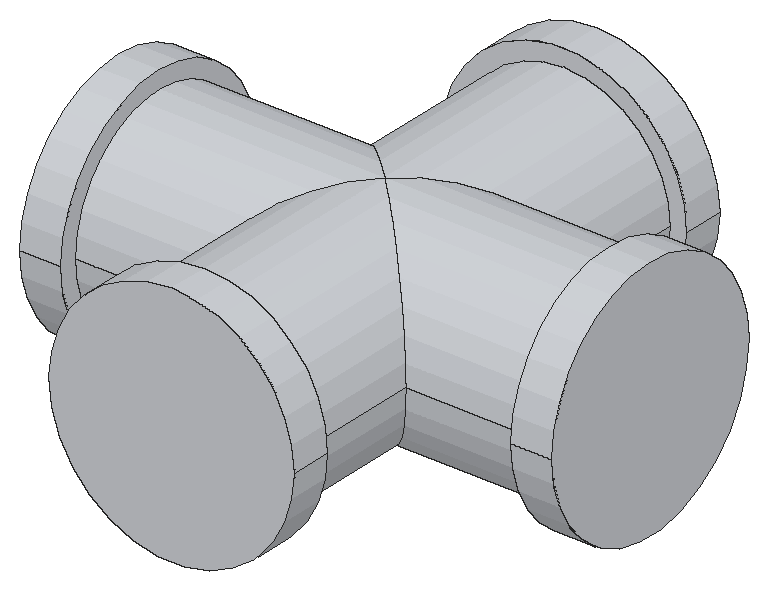
Revit family "Cruzeta - PVC - CW", category Conexões de tubo, Revit 2019
Family settings
  Cota do conector redondo = Usar raio
  Tipo de parte = Cruzeta
  Com base no plano de trabalho = Não
  Sempre na vertical = Sim
  Corte com vazios quando carregada = Não
  Compartilhado = Não
Parameters (values of type "Padrão")
  Tamanho da marca de cota 2 [instance] = 0.4 * Diâmetro externo do anel 2  # 13.76 mm
  Tamanho da marca de cota 1 [instance] = 0.4 * Diâmetro externo do anel 1  # 13.76 mm
  Profundidade do anel 2 [instance] = size_lookup(Nome da tabela de pesquisa, "RDpt", 0.0533 * Diâmetro nominal 2 + 4.40 mm, Diâmetro nominal 2)  # 5.7 mm
  Profundidade do anel 1 [instance] = size_lookup(Nome da tabela de pesquisa, "RDpt", 0.0533 * Diâmetro nominal 1 + 4.40 mm, Diâmetro nominal 1)  # 5.7 mm
  Raio externo do anel 2 [instance] = Diâmetro externo do anel 2 / 2  # 17.2 mm
  Raio externo do anel 1 [instance] = Diâmetro externo do anel 1 / 2  # 17.2 mm
  Diâmetro externo do anel 2 [instance] = size_lookup(Nome da tabela de pesquisa, "ROD2", 1.2276 * Diâmetro nominal 2 + 3.70 mm, Diâmetro nominal 1, Diâmetro nominal 2)  # 34.4 mm
  Diâmetro externo do anel 1 [instance] = size_lookup(Nome da tabela de pesquisa, "ROD1", 1.2276 * Diâmetro nominal 1 + 3.70 mm, Diâmetro nominal 1, Diâmetro nominal 2)  # 34.4 mm
  Raio nominal 2 [instance] = 12.5 mm
  Raio nominal 1 [instance] = 12.5 mm
  Diâmetro nominal 2 [instance] = Raio nominal 2 * 2  # 25 mm
  Diâmetro nominal 1 [instance] = Raio nominal 1 * 2  # 25 mm
  Model = ""
  Manufacturer = ""
  Loss Method = (empty or 0)
  Nome da tabela de pesquisa = "BR_Cross - PVC - CW"
  K Coefficient Table = (empty or 0)
  Extremidade do meio para o trecho da extremidade [instance] = Extremidade para o trecho da extremidade / 2  # 31.525 mm
  Legenda 1 da extremidade do meio para o trecho da extremidade [instance] = if(Extremidade do meio para o trecho da extremidade < Legenda 1 do centro para a ramificação de extremidade * cos(Ângulo 5) + Raio externo do anel 2 * sin(Ângulo 5), Legenda 1 do centro para a ramificação de extremidade * cos(Ângulo 5) + Raio externo do anel 2 * sin(Ângulo 5), Extremidade do meio para o trecho da extremidade)  # 31.525 mm
  Raio externo da conexão 2 [instance] = Diâmetro externo da conexão 2 / 2  # 14.775 mm
  Raio externo da conexão 1 [instance] = Diâmetro externo da conexão 1 / 2  # 14.775 mm
  Diâmetro externo da conexão 2 [instance] = size_lookup(Nome da tabela de pesquisa, "FOD2", 1.1386 * Diâmetro nominal 2 + 1.10 mm, Diâmetro nominal 1, Diâmetro nominal 2)  # 29.55 mm
  Diâmetro externo da conexão 1 [instance] = size_lookup(Nome da tabela de pesquisa, "FOD1", 1.1386 * Diâmetro nominal 1 + 1.10 mm, Diâmetro nominal 1, Diâmetro nominal 2)  # 29.55 mm
  Extremidade para o trecho da extremidade [instance] = size_lookup(Nome da tabela de pesquisa, "EtER", 1.62 * Diâmetro nominal 1 + 22.60 mm, Diâmetro nominal 1, Diâmetro nominal 2)  # 63.05 mm
  Description = ""
  Legenda 1 do centro para a ramificação de extremidade [instance] = if(Centro para a ramificação de extremidade * sin(Ângulo 5) - Raio externo do anel 2 * cos(Ângulo 5) < Raio externo do anel 1, (Raio externo do anel 1 + Raio externo do anel 2 * cos(Ângulo 5)) / sin(Ângulo 5), Centro para a ramificação de extremidade)  # 31.5 mm
  Centro para a ramificação de extremidade [instance] = size_lookup(Nome da tabela de pesquisa, "CtEB", 0.45 * Diâmetro nominal 1 + 0.5 * Diâmetro nominal 2 + 7.70 mm, Diâmetro nominal 1, Diâmetro nominal 2)  # 31.5 mm
  Ângulo 5 [instance] = if(Ângulo 4 > Ângulo 3, Ângulo 3, Ângulo 4)  # 90.00°
  Ângulo 4 [instance] = if(Ângulo 2 > 90.00°, 180.00° - Ângulo 2, Ângulo 2)  # 90.00°
  Ângulo 2 [instance] = 90.00°
  Ângulo 1 [instance] = 90.00°
  Ângulo 3 [instance] = if(Ângulo 1 > 90.00°, 180.00° - Ângulo 1, Ângulo 1)  # 90.00°
Reference planes
  plane 1 "Centro (Frente/Trás)": y = 0
  plane 2: z = 0
  plane 3 "Centro (Esquerda/Direita)": x = 0
  plane 4: x = -31.525
  plane 5: x = 31.525
  plane 6: y = 13.76
  plane 7: y = -13.76
Forms (mm)
  Sweep 1, solid, detail levels fine
    path in 3D
      loop
        line (0, -31.5, 0) -> (0, -37.2, 0)
    profile origin (0, -34.35, 0) x (1, 0, 0) y (0, 0, 1)
      loop
        circle (0, 0) r 17.2
  Sweep 2, solid, detail levels fine
    path in 3D
      loop
        line (0, 31.5, 0) -> (0, 37.2, 0)
    profile origin (0, 34.35, 0) x (-1, 0, 0) y (0, 0, 1)
      loop
        circle (0, 0) r 17.2
  Sweep 3, solid, detail levels fine
    path origin (0, 0, 0) x (1, 0, 0) y (0, 1, 0)
      loop
        line (-37.225, 0) -> (-31.525, 0)
    profile origin (-34.375, 0, 0) x (0, 1, 0) y (0, 0, 1)
      loop
        circle (0, 0) r 17.2
  Sweep 4, solid, detail levels fine
    path origin (0, 0, 0) x (1, 0, 0) y (0, 1, 0)
      loop
        line (31.525, 0) -> (37.225, 0)
    profile origin (34.375, 0, 0) x (0, 1, 0) y (0, 0, 1)
      loop
        circle (0, 0) r 17.2
  SweptBlend 5, solid, detail levels fine
    path origin (0, 0, 0) x (1, 0, 0) y (0, 1, 0)
      loop
        line (-31.525, 0) -> (31.525, 0)
    profile origin (-31.525, 0, 0) x (0, 1, 0) y (0, 0, 1)
      loop
        circle (0, 0) r 14.775
    end profile origin (31.525, 0, 0) x (0, 1, 0) y (0, 0, 1)
      loop
        circle (0, 0) r 14.775
  SweptBlend 6, solid, detail levels fine
    path in 3D
      loop
        line (0, 0, 0) -> (0, 31.5, 0)
    profile origin (0, 0, 0) x (-1, 0, 0) y (0, 0, 1)
      loop
        circle (0, 0) r 14.775
    end profile origin (0, 31.5, 0) x (-1, 0, 0) y (0, 0, 1)
      loop
        circle (0, 0) r 14.775
  SweptBlend 7, solid, detail levels fine
    path in 3D
      loop
        line (0, 0, 0) -> (0, -31.5, 0)
    profile origin (0, 0, 0) x (1, 0, 0) y (0, 0, 1)
      loop
        circle (0, 0) r 14.775
    end profile origin (0, -31.5, 0) x (1, 0, 0) y (0, 0, 1)
      loop
        circle (0, 0) r 14.775
Cuts and joins
  joined: Sweep 1, Sweep 2, Sweep 3, Sweep 4, SweptBlend 5, SweptBlend 6, SweptBlend 7
Lines and regions (mm)
  model lines, detail levels coarse+medium
    curve 1: line (-37.225, 0, 0) -> (37.225, 0, 0)
    curve 2: line (0, 0, 0) -> (0, -31.5, 0)
    curve 3: line (-37.225, 13.76, 0) -> (-37.225, -13.76, 0)
    curve 4: line (37.225, 13.76, 0) -> (37.225, -13.76, 0)
    curve 5: line (0, -31.5, 0) -> (0, -37.2, 0)
    curve 7: line (0, -37.2, 0) -> (13.76, -37.2, 0)
    curve 8: line (0, -37.2, 0) -> (-13.76, -37.2, 0)
    curve 9: line (0, 31.5, 0) -> (0, 37.2, 0)
    curve 11: line (0, 37.2, 0) -> (13.76, 37.2, 0)
    curve 12: line (0, 37.2, 0) -> (-13.76, 37.2, 0)
    curve 13: line (0, 0, 0) -> (0, 31.5, 0)
  sketch lines
    curve 6: line (0, -31.5, 0) -> (0, -37.2, 0)
    curve 10: line (0, 31.5, 0) -> (0, 37.2, 0)
    curve 14: line (0, 0, 0) -> (0, 31.5, 0)
    curve 15: line (0, 0, 0) -> (0, -31.5, 0)
Dimensions and locks
  "Legenda 1 da extremidade do meio para o trecho da extremidade": plane 4 to plane 3 "Centro (Esquerda/Direita)"
  "Legenda 1 da extremidade do meio para o trecho da extremidade": plane 3 "Centro (Esquerda/Direita)" to plane 5
  "Legenda 1 do centro para a ramificação de extremidade": curve 2 to curve 2
  "Tamanho da marca de cota 1": plane 6 to plane 1 "Centro (Frente/Trás)"
  "Tamanho da marca de cota 1": plane 7 to plane 1 "Centro (Frente/Trás)"
  "Profundidade do anel 2": curve 5 to curve 5
  "Tamanho da marca de cota 2": curve 8 to curve 8
  "Tamanho da marca de cota 2": curve 7 to curve 7
  "Profundidade do anel 2": curve 9 to curve 9
  "Profundidade do anel 1": curve 1 to plane 4
  "Profundidade do anel 1": plane 5 to curve 1
  "Profundidade do anel 1": Sweep 3 sketch curve to plane 4
  "Profundidade do anel 1": plane 5 to Sweep 4 sketch curve
  "Tamanho da marca de cota 2": curve 11 to curve 11
  "Tamanho da marca de cota 2": curve 12 to curve 12
  "Legenda 1 do centro para a ramificação de extremidade": curve 13 to curve 13
  "Raio externo do anel 2": radius of Sweep 1 sketch curve
  "Raio externo do anel 2": radius of Sweep 2 sketch curve
  "Raio externo do anel 1": radius of Sweep 3 sketch curve
  "Raio externo do anel 1": radius of Sweep 4 sketch curve
  "Raio externo da conexão 1": radius of SweptBlend 5 sketch curve  (x2)
  "Raio externo da conexão 2": radius of SweptBlend 6 sketch curve  (x2)
  "Raio externo da conexão 2": radius of SweptBlend 7 sketch curve  (x2)
  "Ângulo 1": angle curve 2 to curve 1
  "Ângulo 1": angle curve 5 to plane 1 "Centro (Frente/Trás)"
  locked: curve 7 to curve 5 (angle 90.00°)
  locked: curve 8 to curve 5 (angle 90.00°)
  "Ângulo 2": angle plane 1 "Centro (Frente/Trás)" to curve 9
  locked: curve 9 to curve 11 (angle 90.00°)
  locked: curve 9 to curve 12 (angle 90.00°)
  "Ângulo 2": angle plane 1 "Centro (Frente/Trás)" to curve 13
  aligned and locked: plane 1 "Centro (Frente/Trás)" to curve 1
  aligned and locked: plane 3 "Centro (Esquerda/Direita)" to curve 2
  aligned and locked: plane 7 to curve 3
  aligned and locked: plane 6 to curve 3
  aligned and locked: plane 6 to curve 4
  aligned and locked: plane 7 to curve 4
  aligned and locked: Sweep 3 sketch curve to curve 1
  aligned and locked: plane 1 "Centro (Frente/Trás)" to Sweep 4 sketch curve
  aligned and locked: curve 4 to curve 1
  aligned and locked: curve 3 to curve 1
  aligned and locked: plane 5 to Sweep 4 sketch curve
  aligned and locked: plane 4 to Sweep 3 sketch curve
  aligned and locked: plane 1 "Centro (Frente/Trás)" to curve 13
  aligned and locked: plane 4 to SweptBlend 5 sketch curve
  aligned and locked: plane 5 to SweptBlend 5 sketch curve
  aligned and locked: plane 1 "Centro (Frente/Trás)" to SweptBlend 5 sketch curve
Automatic sketch dimensions
  Sweep 4 sketch curve to level = 0.00 mm
  Sweep 4 sketch curve to profile plane = 0.00 mm
  profile plane to Sweep 1 sketch curve = 0.00 mm
  Sweep 1 sketch curve to profile plane = 0.00 mm
  Sweep 2 sketch curve to profile plane = 0.00 mm  (x2)
  Sweep 3 sketch curve to level = 0.00 mm
  Sweep 3 sketch curve to profile plane = 0.00 mm
  curve 13 to plane 3 "Centro (Esquerda/Direita)" = 0.00 mm
  SweptBlend 5 sketch curve to level = 0.00 mm  (x2)
  SweptBlend 5 sketch curve to profile plane = 0.00 mm  (x2)
  SweptBlend 6 sketch curve to profile plane = 0.00 mm  (x4)
  profile plane to SweptBlend 7 sketch curve = 0.00 mm  (x2)
  SweptBlend 7 sketch curve to profile plane = 0.00 mm  (x2)
Connectors
  piping at (-37.225, 0, 0), diameter 25, driven by "Raio nominal 1"
    settings: on cut or joined group of Sweep 1, Sweep 2, Sweep 3, Sweep 4, SweptBlend 5, SweptBlend 6, SweptBlend 7, index 1, connector inside diameter 25 mm, connector length 0.00 mm, flow factor 0, pipe flow 0.0 L/s, pressure drop 0.0 Pa, fitting loss kfactor 0, connector angle 0.00°, fixture units 0, engagement length 0.00 mm, angle of deflection 0.00°, flow configuration 0, flow direction 0, fitting loss method 0, system type 28, joint type 0, gender type 0, connector reference index 2, connector utility 0, adjustable connector no, is connector primary yes, connector description ""
  piping at (37.225, 0, 0), diameter 25, driven by "Raio nominal 1"
    settings: on cut or joined group of Sweep 1, Sweep 2, Sweep 3, Sweep 4, SweptBlend 5, SweptBlend 6, SweptBlend 7, index 2, connector inside diameter 25 mm, connector length 0.00 mm, flow factor 0, pipe flow 0.0 L/s, pressure drop 0.0 Pa, fitting loss kfactor 0, connector angle 0.00°, fixture units 0, engagement length 0.00 mm, angle of deflection 0.00°, flow configuration 0, flow direction 0, fitting loss method 0, system type 28, joint type 0, gender type 0, connector reference index 1, connector utility 0, adjustable connector no, is connector primary no, connector description ""
  piping at (0, -37.2, 0), diameter 25, driven by "Raio nominal 2", driven by "Ângulo 1"
    settings: on cut or joined group of Sweep 1, Sweep 2, Sweep 3, Sweep 4, SweptBlend 5, SweptBlend 6, SweptBlend 7, index 3, connector inside diameter 25 mm, connector length 0.00 mm, flow factor 0, pipe flow 0.0 L/s, pressure drop 0.0 Pa, fitting loss kfactor 0, connector angle 90.00°, fixture units 0, engagement length 0.00 mm, angle of deflection 0.00°, flow configuration 0, flow direction 0, fitting loss method 0, system type 28, joint type 0, gender type 0, connector reference index 4, connector utility 0, adjustable connector no, is connector primary no, connector description ""
  piping at (0, 37.2, 0), diameter 25, driven by "Ângulo 2", driven by "Raio nominal 2"
    settings: on cut or joined group of Sweep 1, Sweep 2, Sweep 3, Sweep 4, SweptBlend 5, SweptBlend 6, SweptBlend 7, index 4, connector inside diameter 25 mm, connector length 0.00 mm, flow factor 0, pipe flow 0.0 L/s, pressure drop 0.0 Pa, fitting loss kfactor 0, connector angle 90.00°, fixture units 0, engagement length 0.00 mm, angle of deflection 0.00°, flow configuration 0, flow direction 0, fitting loss method 0, system type 28, joint type 0, gender type 0, connector reference index 3, connector utility 0, adjustable connector no, is connector primary no, connector description ""
